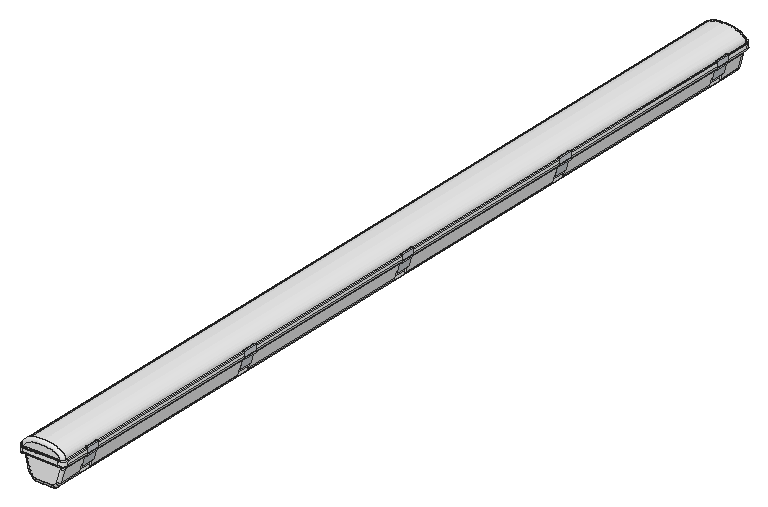
Revit family "0048752 Feilo Sylvania Lighting Fixture SYLPRF SUP LED G3 1500MM S 4K QC D", category Lighting Fixtures, host Face, Revit 2017
Family settings
  Host = Face
  Round Connector Dimension = Use Diameter
  Part Type = Normal
  OmniClass Number = 23.80.70.11.14
  OmniClass Title = General Luminaries, Directional
  Cut with Voids When Loaded = Yes
  Light Source = Yes
  Shared = No
  Room Calculation Point = No
Parameters
  Width = 84 mm
  Weight = "2.14 kg"
  Wattage Comments = "n/a"
  Wattage = 31 W
  WarrantyStartDate [instance] = "n/a"
  WarrantyGuarantorParts = "n/a"
  WarrantyDurationUnit = "n/a"
  WarrantyDurationParts = "n/a"
  WarrantyDescription = "n/a"
  built-in parameter 1150110 = 1 (stored number, unit not read)
  Voltage = 230 V
  URL = "http://www.sylvania-lighting.com"
  TypeName = "SYLPRF SUP LED G3 1500MM S 4K QC D"
  Type Image = <None>
  Type Comments = "n/a"
  built-in parameter 1114217 = 1 (stored number, unit not read)
  Tilt Angle = -90.00°
  built-in parameter 1150109 = 1 (stored number, unit not read)
  built-in parameter 1150134 = 12
  built-in parameter 1150113 = 1 (stored number, unit not read)
  SerialNumber [instance] = "n/a"
  ReflectorMaterial = none
  PowerFactor = 0
  PowerConsumption = "31 W"
  Photometric Web File = "0048752-C.ies"
  NominalWidth = 0 mm
  NominalLength = 1578 mm
  NominalHeight = 75 mm
  Name = "SYLPRF SUP LED G3 1500MM S 4K QC D"
  ModelReference = "SYLPRF SUP LED G3 1500MM S 4K QC D"
  ModelNumber = "0048752"
  Model = "SYLPRF SUP LED G3 1500MM S 4K QC D"
  Material = "polycarbonate housing, polycarbonate diffuser"
  ManufacturerName = "Feilo Sylvania"
  Manufacturer = "Feilo Sylvania"
  LuminousEfficacy = "155 lm/W"
  built-in parameter 1150105 = 382.37 (stored number, unit not read)
  Lumens = 4805 lm
  LuminaireType = "Weatherproof"
  built-in parameter 1150115 = 1 (stored number, unit not read)
  LightOutputRatio = "n/a"
  built-in parameter 1150137 = (empty or 0)
  built-in parameter 1150139 = (empty or 0)
  Length = 1572 mm
  LampsType = Lamp  # "LED"
  LampNominalLuminous = "4800 lm"
  LampMacAdamStep = "3"
  LampColourTemperature = "4000 K"
  LampColourRenderingIndex = "80"
  built-in parameter 1150112 = 1 (stored number, unit not read)
  built-in parameter 1150114 = 1 (stored number, unit not read)
  Lamp = "LED"
  Keynote = "16500"
  InstallationDate [instance] = "n/a"
  InputVoltage = "220-240V~"
  InputNominalFrequency = "DC/50/60 Hz"
  built-in parameter 1150132 = (empty or 0)
  built-in parameter 1150102 = (empty or 0)
  built-in parameter 1150107 = 4000 (stored number, unit not read)
  built-in parameter 1150138 = (empty or 0)
  IngressProtection = "IP65"
  ImpactProtectionIndex = "IK08"
  built-in parameter 1150106 = 3.8237 (stored number, unit not read)
  IfcExportType = "IfcLightFixtureType"
  IfcExportAs = "IfcLightFixtureType"
  ExpectedLife = 50000
  Emit from Rectangle Width = Width - 20 mm  # 64 mm
  Emit from Rectangle Length = Length - 20 mm  # 1552 mm
  Emit Shape Visible in Rendering = no
  ElectricShockClassification = "Class I"
  built-in parameter 1150104 = 14.4 (stored number, unit not read)
  DurationUnit = "hours"
  DocumentationLiterature = "http://www.sylvania-lighting.com/product/en-int/products/0048752"
  DimmingControlOptions = "Dimmable"
  Dimming Lamp Color Temperature Shift = <None>
  DiffuserMaterial = Diffuser-Sylvania-Transparent
  Description = ""
  Default Elevation = 1219.2 mm
  CreatedOn = "11/9/2017"
  CreatedBy = ""
  Cost = 0
  Color Filter = 16777215
  built-in parameter 1114216 [instance] = (empty or 0)
  ClassificationValue = "EF_70_80"
  ClassificationName = "Uniclass2015"
  BodyMaterial = Body-Sylvania-Gray
  BarCode [instance] = "n/a"
  built-in parameter 1114218 = 1 (stored number, unit not read)
  built-in parameter 1150133 = 10 (stored number, unit not read)
  AssetType = "Fixed"
  AssetIdentifier [instance] = "n/a"
  Assembly Code = "D5020200"
  Apparent Load = 31 VA
  AccessoryMaterial = Diffuser-Sylvania-Glow
Reference planes
  plane 1 "Center (Front/Back)": y = 0
  plane 2: z = 0
  plane 3 "Center (Left/Right)": x = 0
  plane 4: z = 54
  plane 5: x = -14.7
  plane 6: x = -21.8
  plane 7: x = -26.6
  plane 8: x = -29.2
  plane 9: z = 3
  plane 10: z = 7.8
  plane 11: z = 12.3
  plane 12: z = 36.6
  plane 13: z = 42.8
  plane 14: x = -38.1
  plane 15: z = 46.2
  plane 16: x = -42
  plane 17: y = 786
  plane 18: y = -786
  plane 19: x = 14.7
  plane 20: x = 21.8
  plane 21: x = 26.6
  plane 22: x = 29.2
  plane 23: x = 38.1
  plane 24: x = 42
  plane 25: y = 778.4
  plane 26: y = -778.4
  plane 27: y = -774.7
  plane 28: y = 774.7
  plane 29: z = 74
  plane 30: x = -38.5
  plane 31: x = 38.5
  plane 32: z = 55.2
  plane 33: y = -782.5
  plane 34: y = 782.5
  plane 35: x = -24.5
  plane 36: x = 24.5
  plane 37: x = -35.7
  plane 38: x = 35.7
  plane 39: z = 50.2
  plane 40: z = 24.6
  plane 41: y = -720
  plane 42: y = -734
  plane 43: y = -706
  plane 44: y = 720
  plane 45: y = -720
  plane 46: y = -734
  plane 47: y = -706
  plane 48: y = 720
  plane 49: y = 706
  plane 50: y = 734
  plane 51: y = -360
  plane 52: y = -374
  plane 53: y = -346
  plane 54: y = 0
  plane 55: y = -14
  plane 56: y = 14
  plane 57: y = 360
  plane 58: y = 346
  plane 59: y = 374
Forms (mm)
  Sweep 1, solid, material "Body-Sylvania-Gray" <- "BodyMaterial", detail levels medium+fine
    path origin (1223.4, -4572, 54) x (0, -1, 0) y (1, 0, 0)
      loop
        arc (-3796, -1265.4) -> (-3788.929, -1262.471) -> (-3786, -1255.4) r 10
        line (-3786, -1255.4) -> (-3786, -1191.4)
        arc (-3786, -1191.4) -> (-3788.929, -1184.329) -> (-3796, -1181.4) r 10
        line (-3796, -1181.4) -> (-5348, -1181.4)
        arc (-5348, -1181.4) -> (-5355.071, -1184.329) -> (-5358, -1191.4) r 10
        line (-5358, -1191.4) -> (-5358, -1255.4)
        arc (-5358, -1255.4) -> (-5355.071, -1262.471) -> (-5348, -1265.4) r 10
        line (-5348, -1265.4) -> (-3796, -1265.4)
    profile origin (-42, 0, 54) x (-1, 0, 0) y (0, 0, 1)
      loop
        line (0, 0) -> (-1, 0) -> (-1, -7.726)
        arc (-1, -7.726) -> (-1.994, -9.498) -> (-3.9, -10.2) r 2.937
        line (-3.9, -10.2) -> (-8.571, -10.2) -> (-8.571, -11.2) -> (-3.9, -11.2)
        arc (-3.9, -11.2) -> (-1.313, -10.231) -> (0, -7.8) r 3.937
        line (0, -7.8) -> (0, 0)
  Sweep 2, solid, material "Body-Sylvania-Gray" <- "BodyMaterial", detail levels medium+fine
    path origin (0, 0, 0) x (1, 0, 0) y (0, 0, 1)
      loop
        line (35.7, 42.8) -> (35.7, 36.6) -> (29.203, 12.31)
        arc (29.203, 12.31) -> (28.199, 9.884) -> (26.6, 7.8) r 10.052
        line (26.6, 7.8) -> (21.8, 3)
        arc (21.8, 3) -> (18.554, 0.781) -> (14.7, 0) r 9.902
        line (14.7, 0) -> (0, 0) -> (-14.7, 0)
        arc (-14.7, 0) -> (-18.554, 0.781) -> (-21.8, 3) r 9.902
        line (-21.8, 3) -> (-26.6, 7.8)
        arc (-26.6, 7.8) -> (-28.199, 9.884) -> (-29.203, 12.31) r 10.052
        line (-29.203, 12.31) -> (-35.7, 36.6) -> (-35.7, 42.8)
    profile origin (0, 0, 0) x (0, 0, -1) y (0, -1, 0)
      loop
        arc (0, 773.4) -> (-1.464, 776.936) -> (-5, 778.4) r 5
        line (-5, 778.4) -> (-7.8, 778.4) -> (-7.8, -778.4) -> (-5, -778.4)
        arc (-5, -778.4) -> (-1.464, -776.936) -> (0, -773.4) r 5
        line (0, -773.4) -> (0, 773.4)
  Extrusion 3, solid, material "Body-Sylvania-Gray" <- "BodyMaterial", detail levels medium+fine
    sketch origin (1524, 778.4, 1219.2) x (1, 0, 0) y (0, 0, 1)
      loop
        arc (-1545.668, -1204.874) -> (-1545.443, -1205.418) -> (-1545.085, -1205.885) r 2.252
        line (-1545.085, -1205.885) -> (-1540.231, -1210.738)
        arc (-1540.231, -1210.738) -> (-1539.534, -1211.227) -> (-1538.7, -1211.4) r 2.102
        line (-1538.7, -1211.4) -> (-1509.3, -1211.4)
        arc (-1509.3, -1211.4) -> (-1508.466, -1211.227) -> (-1507.769, -1210.738) r 2.102
        line (-1507.769, -1210.738) -> (-1502.915, -1205.885)
        arc (-1502.915, -1205.885) -> (-1502.557, -1205.418) -> (-1502.332, -1204.874) r 2.252
        line (-1502.332, -1204.874) -> (-1496.1, -1181.575) -> (-1496.1, -1176.4) -> (-1551.9, -1176.4) -> (-1551.9, -1181.575) -> (-1545.668, -1204.874)
    from 0 to 1556.8
  Sweep 4, solid, material "Diffuser-Sylvania-Transparent" <- "DiffuserMaterial", detail levels medium+fine
    path origin (0, 0, 0) x (1, 0, 0) y (0, 0, 1)
      loop
        spline (-38.5, 55.2) -> (-37.188, 60.066) -> (-33.342, 64.6) -> (-27.224, 68.494) -> (-19.25, 71.481) -> (-9.965, 73.359) -> (0, 74) -> (9.965, 73.359) -> (19.25, 71.481) -> (27.224, 68.494) -> (33.342, 64.6) -> (37.188, 60.066) -> (38.5, 55.2)
    profile origin (38.5, 0, 55.2) x (0, -1, 0) y (1, 0, 0)
      loop
        arc (782.5, -5.5) -> (780.889, -1.611) -> (777, 0) r 5.5
        line (777, 0) -> (-777, 0)
        arc (-777, 0) -> (-780.889, -1.611) -> (-782.5, -5.5) r 5.5
        line (-782.5, -5.5) -> (-782.5, -6.3) -> (-781.5, -6.3) -> (-781.5, -5.5)
        arc (-781.5, -5.5) -> (-780.182, -2.318) -> (-777, -1) r 4.5
        line (-777, -1) -> (777, -1)
        arc (777, -1) -> (780.182, -2.318) -> (781.5, -5.5) r 4.5
        line (781.5, -5.5) -> (781.5, -6.347) -> (782.5, -6.347) -> (782.5, -5.5)
  Extrusion 5, solid, material "Diffuser-Sylvania-Transparent" <- "DiffuserMaterial", detail levels medium+fine
    sketch origin (1524, -782.5, 1219.2) x (1, 0, 0) y (0, 0, 1)
      loop
        line (-1556.653, -1164) -> (-1491.347, -1164)
        spline (-1491.347, -1164) -> (-1491.939, -1161.945) -> (-1494.434, -1159.066) -> (-1499.342, -1155.96) -> (-1506.338, -1153.35) -> (-1514.799, -1151.648) -> (-1524, -1151.047) -> (-1533.201, -1151.648) -> (-1541.662, -1153.35) -> (-1548.658, -1155.96) -> (-1553.566, -1159.066) -> (-1556.061, -1161.945) -> (-1556.653, -1164)
    from 0 to -1
  Extrusion 6, solid, material "Diffuser-Sylvania-Transparent" <- "DiffuserMaterial", detail levels medium+fine
    sketch origin (1524, 782.5, 1219.2) x (1, 0, 0) y (0, 0, 1)
      loop
        spline (-1491.3, -1164) -> (-1491.898, -1161.922) -> (-1494.404, -1159.03) -> (-1499.322, -1155.918) -> (-1506.325, -1153.305) -> (-1514.793, -1151.602) -> (-1524, -1151) -> (-1533.207, -1151.602) -> (-1541.675, -1153.305) -> (-1548.678, -1155.918) -> (-1553.596, -1159.03) -> (-1556.102, -1161.922) -> (-1556.7, -1164)
        line (-1556.7, -1164) -> (-1491.3, -1164)
    from 0 to 1
  Extrusion 7, solid, material "Diffuser-Sylvania-Glow" <- "AccessoryMaterial", detail levels fine
    sketch origin (0, 0, 0) x (1, 0, 0) y (0, 0, 1)
      loop
        circle (0, 50.2) r 8
    from -774.7 to 774.7
  Extrusion 8, void
    sketch origin (0, -720, 2343.807) x (0, 0, -1) y (-1, 0, 0)
      loop
        line (2340.807, -24.5) -> (2331.507, -24.5) -> (2319.207, -29.2) -> (2319.207, -35.7) -> (2340.807, -35.7) -> (2340.807, -24.5)
      loop
        line (2340.807, 24.5) -> (2340.807, 35.7) -> (2319.207, 35.7) -> (2319.207, 29.2) -> (2331.507, 24.5) -> (2340.807, 24.5)
    from 14 to -14
  Extrusion 9, void, not visible
    sketch origin (0, -720, 2343.807) x (0, 0, -1) y (-1, 0, 0)
      loop
        line (2340.807, -24.5) -> (2331.507, -24.5) -> (2319.207, -29.2) -> (2319.207, -35.7) -> (2340.807, -35.7) -> (2340.807, -24.5)
      loop
        line (2340.807, 24.5) -> (2340.807, 35.7) -> (2319.207, 35.7) -> (2319.207, 29.2) -> (2331.507, 24.5) -> (2340.807, 24.5)
    from 14 to -14
  Extrusion 10, void
    sketch origin (0, 720, 2343.807) x (0, 0, -1) y (-1, 0, 0)
      loop
        line (2340.807, -24.5) -> (2331.507, -24.5) -> (2319.207, -29.2) -> (2319.207, -35.7) -> (2340.807, -35.7) -> (2340.807, -24.5)
      loop
        line (2340.807, 24.5) -> (2340.807, 35.7) -> (2319.207, 35.7) -> (2319.207, 29.2) -> (2331.507, 24.5) -> (2340.807, 24.5)
    from 14 to -14
  Extrusion 11, void
    sketch origin (0, -360, 2343.807) x (0, 0, -1) y (-1, 0, 0)
      loop
        line (2340.807, -24.5) -> (2331.507, -24.5) -> (2319.207, -29.2) -> (2319.207, -35.7) -> (2340.807, -35.7) -> (2340.807, -24.5)
      loop
        line (2340.807, 24.5) -> (2340.807, 35.7) -> (2319.207, 35.7) -> (2319.207, 29.2) -> (2331.507, 24.5) -> (2340.807, 24.5)
    from 14 to -14
  Extrusion 12, void
    sketch origin (0, 0, 2343.807) x (0, 0, -1) y (-1, 0, 0)
      loop
        line (2340.807, -24.5) -> (2331.507, -24.5) -> (2319.207, -29.2) -> (2319.207, -35.7) -> (2340.807, -35.7) -> (2340.807, -24.5)
      loop
        line (2340.807, 24.5) -> (2340.807, 35.7) -> (2319.207, 35.7) -> (2319.207, 29.2) -> (2331.507, 24.5) -> (2340.807, 24.5)
    from 14 to -14
  Extrusion 13, void
    sketch origin (0, 360, 2343.807) x (0, 0, -1) y (-1, 0, 0)
      loop
        line (2340.807, -24.5) -> (2331.507, -24.5) -> (2319.207, -29.2) -> (2319.207, -35.7) -> (2340.807, -35.7) -> (2340.807, -24.5)
      loop
        line (2340.807, 24.5) -> (2340.807, 35.7) -> (2319.207, 35.7) -> (2319.207, 29.2) -> (2331.507, 24.5) -> (2340.807, 24.5)
    from 14 to -14
  Extrusion 14, solid, material "Diffuser-Sylvania-Transparent" <- "DiffuserMaterial", detail levels medium+fine
    sketch origin (1223.4, -4572, 54) x (0, -1, 0) y (-1, 0, 0)
      loop
        arc (-5348, 1265.4) -> (-5355.071, 1262.471) -> (-5358, 1255.4) r 10
        line (-5358, 1255.4) -> (-5358, 1191.4)
        arc (-5358, 1191.4) -> (-5355.071, 1184.329) -> (-5348, 1181.4) r 10
        line (-5348, 1181.4) -> (-3796, 1181.4)
        arc (-3796, 1181.4) -> (-3788.929, 1184.329) -> (-3786, 1191.4) r 10
        line (-3786, 1191.4) -> (-3786, 1255.4)
        arc (-3786, 1255.4) -> (-3788.929, 1262.471) -> (-3796, 1265.4) r 10
        line (-3796, 1265.4) -> (-5348, 1265.4)
      loop
        arc (-5354.5, 1190.394) -> (-5352.887, 1186.509) -> (-5349, 1184.9) r 5.5
        line (-5349, 1184.9) -> (-3795, 1184.9)
        arc (-3795, 1184.9) -> (-3791.113, 1186.509) -> (-3789.5, 1190.394) r 5.5
        line (-3789.5, 1190.394) -> (-3789.5, 1256.406)
        arc (-3789.5, 1256.406) -> (-3791.113, 1260.291) -> (-3795, 1261.9) r 5.5
        line (-3795, 1261.9) -> (-5349, 1261.9)
        arc (-5349, 1261.9) -> (-5352.887, 1260.291) -> (-5354.5, 1256.406) r 5.5
        line (-5354.5, 1256.406) -> (-5354.5, 1190.394)
    from 0 to -1.2
  Extrusion 15, solid, material "Body-Sylvania-Gray" <- "BodyMaterial", detail levels coarse
    sketch origin (0, 0, 0) x (1, 0, 0) y (0, 0, 1)
      loop
        line (-42, 55.2) -> (-42, 42.8) -> (-26.6, 0) -> (26.6, 0) -> (42, 42.8) -> (42, 55.2) -> (-42, 55.2)
    from -786 to 786
  Extrusion 16, solid, material "Diffuser-Sylvania-Transparent" <- "DiffuserMaterial", detail levels coarse
    sketch origin (0, 0, 0) x (1, 0, 0) y (0, 0, 1)
      loop
        line (-38.5, 55.2) -> (38.5, 55.2)
        arc (38.5, 55.2) -> (0, 74) -> (-38.5, 55.2) r 48.822
    from -778.4 to 778.4
Cuts and joins
  Extrusion 8, Extrusion 10, Extrusion 11, Extrusion 12, Extrusion 13 cuts Sweep 2
  Extrusion 8, Extrusion 10, Extrusion 11, Extrusion 12, Extrusion 13 cuts Extrusion 3
  joined: Sweep 2, Extrusion 3
  joined: Sweep 4, Extrusion 5, Extrusion 6, Extrusion 14
Dimensions and locks
  locked: plane 4 to plane 2 at 54
  plane 5 to plane 6 to plane 7 to plane 8 to plane 14 to plane 16 = 7.1 mm locked, 4.8 mm locked, 2.6 mm locked, 8.9 mm locked, 3.9 mm locked
  plane 4 to plane 15 to plane 13 to plane 12 to plane 11 to plane 10 to plane 9 = 7.8 mm locked, 3.4 mm, 6.2 mm locked, 24.3 mm locked, 4.5 mm locked, 4.8 mm locked
  equal spacing: plane 18, plane 1 "Center (Front/Back)", plane 17
  "Length": plane 18 to plane 17
  plane 19 to plane 20 to plane 21 to plane 22 to plane 23 to plane 24 = 7.1 mm locked, 4.8 mm locked, 2.6 mm locked, 8.9 mm, 3.9 mm
  equal spacing: plane 24, plane 3 "Center (Left/Right)", plane 16
  "Width": plane 24 to plane 16
  equal spacing: plane 27, plane 1 "Center (Front/Back)", plane 28
  locked: plane 26 to plane 27 at 3.7
  locked: Sweep 1 sketch curve to profile plane at 1
  locked: Sweep 1 sketch curve to plane 13 at 1
  locked: Sweep 1 sketch curve to plane 13 at 3.937  (x2)
  locked: Sweep 1 sketch curve to profile plane at 3.9  (x2)
  plane 29 to plane 4 = 20 mm
  equal spacing: plane 31, plane 3 "Center (Left/Right)", plane 30
  locked: plane 30 to plane 16 at 3.5
  locked: plane 32 to plane 4 at 1.2
  equal spacing: plane 33, plane 1 "Center (Front/Back)", plane 34
  equal spacing: plane 36, plane 3 "Center (Left/Right)", plane 35
  locked: plane 34 to plane 17 at 3.5
  equal spacing: plane 38, plane 3 "Center (Left/Right)", plane 37
  locked: plane 37 to plane 16 at 6.3
  equal spacing: plane 25, plane 1 "Center (Front/Back)", plane 26
  locked: plane 17 to plane 25 at 7.6
  locked: Sweep 2 sketch curve to plane 2 at 5  (x2)
  locked: Sweep 2 sketch curve to plane 26 at 5
  locked: plane 25 to Sweep 2 sketch curve at 5
  locked: Sweep 4 sketch curve to plane 31 at 5.5  (x2)
  locked: Sweep 4 sketch curve to plane 34 at 5.5
  plane 33 to Sweep 4 sketch curve = 5.5 mm
  locked: plane 34 to Sweep 4 sketch curve at 1
  locked: Sweep 4 sketch curve to plane 31 at 1
  locked: Sweep 4 sketch curve to Sweep 4 sketch curve at 1
  locked: Sweep 4 sketch curve to plane 31 at 6.347
  locked: Sweep 4 sketch curve to plane 31 at 6.3
  locked: plane 40 to plane 2 at 24.6
  locked: plane 6 to plane 35 at 2.7
  locked: plane 1 "Center (Front/Back)" to plane 41 at 720
  plane 43 to plane 41 to plane 42 = 14 mm locked, 14 mm locked
  locked: plane 44 to plane 1 "Center (Front/Back)" at 720
  plane 47 to plane 45 to plane 46 = 14 mm locked, 14 mm locked
  plane 50 to plane 48 to plane 49 = 14 mm locked, 14 mm locked  (x2)
  equal spacing: group 1, group 6, group 7, group 8, group 5  (x3)
  plane 53 to plane 51 to plane 52 = 14 mm locked, 14 mm locked  (x2)
  plane 56 to plane 54 to plane 55 = 14 mm locked, 14 mm locked  (x2)
  plane 59 to plane 57 to plane 58 = 14 mm locked, 14 mm locked  (x2)
  plane 48 to plane 57 to plane 1 "Center (Front/Back)" to plane 51 to plane 41 = 360 mm locked, 360 mm locked, 360 mm locked, 360 mm locked
  aligned and locked: plane 2 to host face
  aligned and locked: level to host face
  aligned and locked: plane 16 to Sweep 1 sketch curve
  aligned and locked: Sweep 1 sketch curve to plane 24
  aligned and locked: plane 18 to Sweep 1 sketch curve
  aligned and locked: Sweep 1 sketch curve to plane 13
  aligned and locked: profile plane to Sweep 1 sketch curve
  aligned and locked: plane 3 "Center (Left/Right)" to Sweep 2 sketch curve
  aligned and locked: plane 9 to Sweep 2 sketch curve
  aligned and locked: plane 10 to Sweep 2 sketch curve
  aligned and locked: plane 37 to Sweep 2 sketch curve
  aligned and locked: plane 12 to Sweep 2 sketch curve
  aligned and locked: Sweep 2 sketch curve to level
  aligned and locked: plane 21 to Sweep 2 sketch curve
  aligned and locked: plane 38 to Sweep 2 sketch curve
  aligned and locked: profile plane to Sweep 2 sketch curve
  aligned and locked: plane 25 to Sweep 2 sketch curve
  aligned and locked: Sweep 2 sketch curve to plane 10
  aligned and locked: Extrusion 3 sketch curve to Sweep 2  (x7)
  aligned and locked: Sweep 2 to Extrusion 3 sketch curve
  aligned and locked: Extrusion 3 to plane 25
  aligned and locked: plane 26 to Extrusion 3
  aligned and locked: plane 32 to Sweep 4 sketch curve
  aligned and locked: plane 33 to Sweep 4 sketch curve
  aligned and locked: Sweep 4 to Extrusion 5
  aligned and locked: plane 33 to Extrusion 5
  aligned and locked: plane 39 to Extrusion 7 sketch curve
  aligned and locked: plane 27 to Extrusion 7
  aligned and locked: Extrusion 7 to plane 28
  aligned and locked: Extrusion 6 sketch curve to Sweep 4
  aligned and locked: Extrusion 5 sketch curve to Sweep 4
  aligned and locked: Extrusion 8 to plane 43
  aligned and locked: plane 42 to Extrusion 8
  aligned and locked: Extrusion 10 to plane 50
  aligned and locked: plane 49 to Extrusion 10
  aligned and locked: Extrusion 11 to plane 53
  aligned and locked: plane 52 to Extrusion 11
  aligned and locked: Extrusion 12 to plane 56
  aligned and locked: plane 55 to Extrusion 12
  aligned and locked: Extrusion 13 to plane 59
  aligned and locked: plane 58 to Extrusion 13
  aligned and locked: plane 3 "Center (Left/Right)" to Extrusion 7 sketch curve
  aligned and locked: Extrusion 14 sketch curve to Sweep 1  (x4)
  aligned and locked: Extrusion 14 to plane 32
  aligned and locked: plane 4 to Extrusion 14
  aligned and locked: plane 48 to nested 1
  aligned and locked: plane 57 to nested 2
  aligned and locked: plane 54 to nested 3
  aligned and locked: nested 4 to plane 51
  aligned and locked: nested 5 to plane 41
  aligned and locked: plane 41 to nested 10
  aligned and locked: plane 51 to nested 9
  aligned and locked: plane 54 to nested 8
  aligned and locked: plane 57 to nested 7
  aligned and locked: plane 48 to nested 6
  aligned and locked: plane 1 "Center (Front/Back)" to imposter light
  aligned and locked: plane 3 "Center (Left/Right)" to imposter light
  aligned and locked: imposter light to plane 29
  aligned and locked: plane 7 to Extrusion 15 sketch curve
  aligned and locked: plane 2 to Extrusion 15 sketch curve
  aligned and locked: Extrusion 15 sketch curve to nested 6
  aligned and locked: Extrusion 15 sketch curve to nested 1
  aligned and locked: plane 18 to Extrusion 15
  aligned and locked: Extrusion 15 to plane 17
  aligned and locked: Extrusion 15 to Sweep 1  (x2)
  aligned and locked: plane 30 to Extrusion 16 sketch curve
  aligned and locked: plane 31 to Extrusion 16 sketch curve
  aligned and locked: Extrusion 16 sketch curve to cut or joined group of Sweep 4, Extrusion 5, Extrusion 6, Extrusion 14
  aligned and locked: Extrusion 16 to plane 25
  aligned and locked: plane 26 to Extrusion 16
Automatic sketch dimensions
  host sketch curve to host sketch curve = 2438.4 mm  (x2)
  plane 17 to Sweep 1 sketch curve = 0 mm
  Sweep 1 sketch curve to plane 28 = 1.3 mm
  Sweep 1 sketch curve to plane 7 = 5.4 mm
  plane 27 to Sweep 1 sketch curve = 1.3 mm  (x2)
  Sweep 1 sketch curve to Sweep 1 sketch curve = 4.671 mm
  Sweep 1 sketch curve to plane 4 = 0 mm
  Sweep 2 sketch curve to plane 7 = 0 mm
  Sweep 2 sketch curve to plane 6 = 0 mm
  Sweep 2 sketch curve to plane 5 = 0 mm
  plane 19 to Sweep 2 sketch curve = 0 mm
  Sweep 2 sketch curve to plane 9 = 0 mm
  plane 20 to Sweep 2 sketch curve = 0 mm
  Sweep 2 sketch curve to plane 12 = 0 mm
  Sweep 2 sketch curve to plane 10 = 0 mm
  Sweep 2 sketch curve to plane 13 = 0 mm  (x2)
  Sweep 2 sketch curve to plane 8 = 0.003 mm
  plane 6 to Sweep 2 sketch curve = 2.308 mm
  plane 20 to Sweep 2 sketch curve = 2.308 mm
  Sweep 2 sketch curve to plane 22 = 0.003 mm
  Sweep 2 sketch curve to plane 11 = 0.01 mm  (x2)
  Extrusion 3 sketch curve to plane 5 = 0 mm
  plane 19 to Extrusion 3 sketch curve = 0 mm
  plane 6 to Extrusion 3 sketch curve = 0.132 mm
  plane 6 to Extrusion 3 sketch curve = 0.715 mm
  Extrusion 3 sketch curve to Extrusion 3 sketch curve = 1.592 mm
  Extrusion 3 sketch curve to plane 10 = 0.662 mm  (x2)
  plane 20 to Extrusion 3 sketch curve = 2.308 mm
  plane 20 to Extrusion 3 sketch curve = 0.715 mm
  plane 20 to Extrusion 3 sketch curve = 0.132 mm
  Sweep 4 sketch curve to plane 30 = 0 mm
  Sweep 4 sketch curve to plane 3 "Center (Left/Right)" = 0 mm
  Sweep 4 sketch curve to Sweep 4 sketch curve = 0 mm  (x2)
  plane 37 to Extrusion 6 sketch curve = 3 mm
  Extrusion 6 sketch curve to plane 38 = 3 mm
  plane 37 to Extrusion 5 sketch curve = 3.047 mm
  Extrusion 5 sketch curve to plane 38 = 3.047 mm
  Extrusion 8 sketch curve to Extrusion 8 sketch curve = 0 mm
  Extrusion 8 sketch curve to Extrusion 8 sketch curve = 12.3 mm  (x2)
  Extrusion 8 sketch curve to Extrusion 8 sketch curve = 9.3 mm  (x2)
  Extrusion 8 sketch curve to Extrusion 8 sketch curve = 6.5 mm  (x2)
  Extrusion 8 sketch curve to Extrusion 8 sketch curve = 4.7 mm  (x2)
  Extrusion 8 sketch curve to Extrusion 8 sketch curve = 49 mm
  Extrusion 9 sketch curve to Extrusion 9 sketch curve = 0 mm
  Extrusion 9 sketch curve to Extrusion 9 sketch curve = 12.3 mm  (x2)
  Extrusion 9 sketch curve to Extrusion 9 sketch curve = 9.3 mm  (x2)
  Extrusion 9 sketch curve to Extrusion 9 sketch curve = 6.5 mm  (x2)
  Extrusion 9 sketch curve to Extrusion 9 sketch curve = 4.7 mm  (x2)
  Extrusion 9 sketch curve to Extrusion 9 sketch curve = 49 mm
  Extrusion 10 sketch curve to Extrusion 10 sketch curve = 0 mm
  Extrusion 10 sketch curve to Extrusion 10 sketch curve = 12.3 mm  (x2)
  Extrusion 10 sketch curve to Extrusion 10 sketch curve = 9.3 mm  (x2)
  Extrusion 10 sketch curve to Extrusion 10 sketch curve = 6.5 mm  (x2)
  Extrusion 10 sketch curve to Extrusion 10 sketch curve = 4.7 mm  (x2)
  Extrusion 10 sketch curve to Extrusion 10 sketch curve = 49 mm
  Extrusion 11 sketch curve to Extrusion 11 sketch curve = 0 mm
  Extrusion 11 sketch curve to Extrusion 11 sketch curve = 12.3 mm  (x2)
  Extrusion 11 sketch curve to Extrusion 11 sketch curve = 9.3 mm  (x2)
  Extrusion 11 sketch curve to Extrusion 11 sketch curve = 6.5 mm  (x2)
  Extrusion 11 sketch curve to Extrusion 11 sketch curve = 4.7 mm  (x2)
  Extrusion 11 sketch curve to Extrusion 11 sketch curve = 49 mm
  Extrusion 12 sketch curve to Extrusion 12 sketch curve = 0 mm
  Extrusion 12 sketch curve to Extrusion 12 sketch curve = 12.3 mm  (x2)
  Extrusion 12 sketch curve to Extrusion 12 sketch curve = 9.3 mm  (x2)
  Extrusion 12 sketch curve to Extrusion 12 sketch curve = 6.5 mm  (x2)
  Extrusion 12 sketch curve to Extrusion 12 sketch curve = 4.7 mm  (x2)
  Extrusion 12 sketch curve to Extrusion 12 sketch curve = 49 mm
  Extrusion 13 sketch curve to Extrusion 13 sketch curve = 0 mm
  Extrusion 13 sketch curve to Extrusion 13 sketch curve = 12.3 mm  (x2)
  Extrusion 13 sketch curve to Extrusion 13 sketch curve = 9.3 mm  (x2)
  Extrusion 13 sketch curve to Extrusion 13 sketch curve = 6.5 mm  (x2)
  Extrusion 13 sketch curve to Extrusion 13 sketch curve = 4.7 mm  (x2)
  Extrusion 13 sketch curve to Extrusion 13 sketch curve = 49 mm
  Extrusion 14 sketch curve to plane 34 = 0 mm
  plane 30 to Extrusion 14 sketch curve = 0 mm
  Extrusion 14 sketch curve to plane 31 = 0 mm
  plane 33 to Extrusion 14 sketch curve = 0 mm
  plane 25 to Extrusion 14 sketch curve = 1.4 mm  (x4)
  Extrusion 14 sketch curve to plane 26 = 1.4 mm  (x4)
  plane 37 to Extrusion 14 sketch curve = 2.694 mm  (x2)
  Extrusion 14 sketch curve to plane 38 = 2.694 mm  (x2)
  plane 21 to Extrusion 15 sketch curve = 0 mm
  Extrusion 15 sketch curve to plane 13 = 0 mm  (x2)
  Extrusion 15 sketch curve to plane 32 = 0 mm
  Extrusion 16 sketch curve to plane 40 = 0.578 mm
  radius of Extrusion 7 sketch curve = 8 mm
Nested families
  nested 1: "Clip" at (-29.2, 720, 24.6) x (-1, 0, 0) z (0, 0, 1), type "Clip", detail levels fine
  nested 2: "Clip" at (-29.2, 360, 24.6) x (-1, 0, 0) z (0, 0, 1), type "Clip", detail levels fine
  nested 3: "Clip" at (-29.2, 0, 24.6) x (-1, 0, 0) z (0, 0, 1), type "Clip", detail levels fine
  nested 4: "Clip" at (-29.2, -360, 24.6) x (-1, 0, 0) z (0, 0, 1), type "Clip", detail levels fine
  nested 5: "Clip" at (-29.2, -720, 24.6) x (-1, 0, 0) z (0, 0, 1), type "Clip", detail levels fine
  nested 6: "Clip" at (29.2, 720, 24.6), type "Clip", detail levels fine
  nested 7: "Clip" at (29.2, 360, 24.6), type "Clip", detail levels fine
  nested 8: "Clip" at (29.2, 0, 24.6), type "Clip", detail levels fine
  nested 9: "Clip" at (29.2, -360, 24.6), type "Clip", detail levels fine
  nested 10: "Clip" at (29.2, -720, 24.6), type "Clip", detail levels fine
Connectors
  electrical at (0, 0, 0), driven by "Apparent Load"
    settings: index 1, voltage 230 V, apparent load 31 VA, apparent load phase1 0 VA, apparent load phase2 0 VA, apparent load phase3 0 VA, power factor 0, load classification "Lighting", number of poles 1, system type 30, power factor state 1, is connector primary yes, connector utility no, sub classification motor no, connector description ""
Definition of nested family "Clip"
  Parameters (values of type "Clip")
    URL = "http://www.feilosylvania.com"
    Type Comments = "n/a"
    Model = "n/a"
    Manufacturer = "Feilo Sylvania"
    Keynote = "n/a"
    Description = "n/a"
    Default Elevation = 1219.2 mm
    Cost = 0
    BodyMaterial = none
    Assembly Code = "n/a"
  Reference planes
    plane 1 "Center (Front/Back)": y = 0
    plane 2: z = 0
    plane 3 "Center (Left/Right)": x = 0
    plane 4: x = 3.3
    plane 5: x = 6.5
    plane 6: x = 8.9
    plane 7: x = 12.8
    plane 8: z = 12
    plane 9: z = 18.2
    plane 10: z = 21.6
    plane 11: z = 30.6
    plane 12: x = 9.3
    plane 13: z = 19.2
    plane 14: z = 16.2
    plane 15: x = 10.1
    plane 16: y = 12
    plane 17: y = -12
  Forms (mm)
    Extrusion 1, solid
      sketch origin (-0.8, 0, 0) x (1, 0, 0) y (0, 1, 0)
        loop
          line (-1219.2, 1219.2) -> (-1219.2, -1219.2) -> (1219.2, -1219.2) -> (1219.2, 1219.2) -> (-1219.2, 1219.2)
      from 0 to -304.8
    Extrusion 2, solid
      sketch origin (0, 0, 0) x (1, 0, 0) y (0, 0, 1)
        loop
          line (8.9, 16.2) -> (4.58, 0) -> (0, 0) -> (0, -0.8) -> (5.195, -0.8) -> (9.603, 15.731) -> (13.6, 18.806) -> (13.6, 30.6)
          arc (13.6, 30.6) -> (11.45, 32.75) -> (9.3, 30.6) r 2.15
          line (9.3, 30.6) -> (10.1, 30.6)
          arc (10.1, 30.6) -> (11.45, 31.95) -> (12.8, 30.6) r 1.35
          line (12.8, 30.6) -> (12.8, 19.2) -> (8.9, 16.2)
      from -12 to 12
  Lines and regions (mm)
    reference lines
      curve 1: line (3.3, 0, 0) -> (6.5, 0, 12)
      curve 2: arc (8.9, 0, 18.2) -> (11.488, 0, 19.169) -> (12.8, 0, 21.6) r 3.934
  Dimensions and locks
    plane 7 to plane 6 to plane 5 to plane 4 to plane 3 "Center (Left/Right)" = 3.9 mm locked, 2.4 mm locked, 3.2 mm locked, 3.3 mm locked
    plane 11 to plane 10 to plane 9 to plane 8 to plane 2 = 9 mm locked, 3.4 mm locked, 6.2 mm locked, 12 mm locked
    locked: plane 7 to plane 12 at 3.5
    locked: plane 13 to plane 9 at 1
    locked: plane 9 to plane 14 at 2
    locked: plane 15 to plane 12 at 0.8
    locked: plane 2 to Extrusion 2 sketch curve at 0.8
    locked: Extrusion 2 sketch curve to Extrusion 2 sketch curve at 0.8  (x3)
    locked: plane 7 to Extrusion 2 sketch curve at 1.35
    equal spacing: plane 17, plane 1 "Center (Front/Back)", plane 16
    locked: plane 1 "Center (Front/Back)" to plane 16 at 12
    aligned and locked: plane 2 to Extrusion 1
    aligned and locked: level to Extrusion 1
    aligned and locked: plane 4 to curve 1
    aligned and locked: plane 5 to curve 1
    aligned and locked: plane 6 to curve 2
    aligned and locked: plane 10 to curve 2
    aligned and locked: plane 14 to Extrusion 2 sketch curve
    aligned and locked: plane 13 to Extrusion 2 sketch curve
    aligned and locked: plane 7 to Extrusion 2 sketch curve
    aligned and locked: plane 3 "Center (Left/Right)" to Extrusion 2 sketch curve
    aligned and locked: Extrusion 2 sketch curve to level
    aligned and locked: Extrusion 2 sketch curve to plane 11
    aligned and locked: plane 11 to Extrusion 2 sketch curve
    aligned and locked: Extrusion 2 to plane 16
    aligned and locked: plane 17 to Extrusion 2
  Automatic sketch dimensions
    Extrusion 1 sketch curve to Extrusion 1 sketch curve = 2438.4 mm  (x2)
    curve 2 to plane 7 = 0 mm
    curve 1 to level = 0 mm
    curve 1 to plane 8 = 0 mm
    curve 2 to plane 9 = 0 mm
    plane 6 to curve 2 = 0.002 mm
    Extrusion 2 sketch curve to Extrusion 2 sketch curve = 0 mm
    Extrusion 2 sketch curve to plane 6 = 0 mm
    plane 4 to Extrusion 2 sketch curve = 1.28 mm
